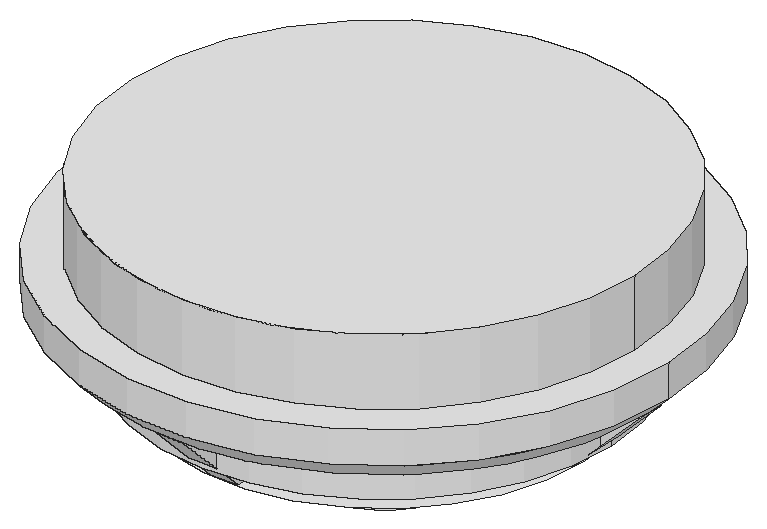
Revit family
Reference planes
  plane 1 "Center (Front/Back)": y = 0
  plane 2: z = 0
  plane 3 "Center (Left/Right)": x = 0
  plane 4 "Ceiling": z = 4000
Forms (mm)
  Extrusion 1, solid, material "_smoke det white"
    sketch origin (0, 0, 4000) x (0, 1, 0) y (-1, 0, 0)
      loop
        circle (0, 0) r 75
    from 0 to -20
  Extrusion 2, solid, material "_smoke det white"
    sketch origin (0, 0, 4000) x (0, 1, 0) y (-1, 0, 0)
      loop
        circle (0, 0) r 85
      loop
        circle (0, 0) r 65
    from -20 to -35
  Revolve 3, void
    sketch origin (0, 0, 0) x (1, 0, 0) y (0, 0, 1)
      loop
        line (-85, 3970.468) -> (-85, 3965) -> (-79.532, 3965) -> (-85, 3970.468)
      axis (0, 3965) -> (0, 3970.468)
    angle from 0 to 360
  Extrusion 4, solid, material "_smoke det white"
    sketch origin (0, 0, 4000) x (0, 1, 0) y (-1, 0, 0)
      loop
        circle (0, 0) r 58
      loop
        circle (0, 0) r 68
    from -40 to -48
  Blend 5, solid, material "_smoke det white"
    base sketch origin (0, 0, 4000) x (0, 1, 0) y (-1, 0, 0)
      loop
        circle (0, 0) r 35
    top sketch origin (0, 0, 4000) x (0, 1, 0) y (-1, 0, 0)
      loop
        circle (0, 0) r 60
    from -65 to -55
  Blend 6, solid, material "_smoke det white"
    base sketch origin (0, 0, 4000) x (0, 1, 0) y (-1, 0, 0)
      loop
        line (59.434, 4.091) -> (44.434, 4.091) -> (44.434, -3.909) -> (59.434, -3.909) -> (59.434, 4.091)
    top sketch origin (0, 0, 4000) x (0, 1, 0) y (-1, 0, 0)
      loop
        line (64.531, -3.909) -> (79.531, -3.909) -> (79.531, 4.091) -> (64.531, 4.091) -> (64.531, -3.909)
    from -55 to -35
  Blend 7, solid, material "_smoke det white"
    base sketch origin (0, 0, 4000) x (1, 0, 0) y (0, 1, 0)
      loop
        line (59.434, 4.091) -> (44.434, 4.091) -> (44.434, -3.909) -> (59.434, -3.909) -> (59.434, 4.091)
    top sketch origin (0, 0, 4000) x (1, 0, 0) y (0, 1, 0)
      loop
        line (64.531, -3.909) -> (79.531, -3.909) -> (79.531, 4.091) -> (64.531, 4.091) -> (64.531, -3.909)
    from -55 to -35
  Blend 8, solid, material "_smoke det white"
    base sketch origin (0, 0, 4000) x (-1, 0, 0) y (0, -1, 0)
      loop
        line (59.434, -4.091) -> (59.434, 3.909) -> (44.434, 3.909) -> (44.434, -4.091) -> (59.434, -4.091)
    top sketch origin (0, 0, 4000) x (-1, 0, 0) y (0, -1, 0)
      loop
        line (64.531, 3.909) -> (64.531, -4.091) -> (79.531, -4.091) -> (79.531, 3.909) -> (64.531, 3.909)
    from -55 to -35
  Blend 9, solid, material "_smoke det white"
    base sketch origin (0, 0, 4000) x (0, -1, 0) y (1, 0, 0)
      loop
        line (59.434, -4.091) -> (59.434, 3.909) -> (44.434, 3.909) -> (44.434, -4.091) -> (59.434, -4.091)
    top sketch origin (0, 0, 4000) x (0, -1, 0) y (1, 0, 0)
      loop
        line (64.531, 3.909) -> (64.531, -4.091) -> (79.531, -4.091) -> (79.531, 3.909) -> (64.531, 3.909)
    from -55 to -35
  Blend 10, solid, material "_smoke det black"
    base sketch origin (0, 0, 4000) x (0, 1, 0) y (-1, 0, 0)
      loop
        circle (0, 0) r 40
    top sketch origin (0, 0, 4000) x (0, 1, 0) y (-1, 0, 0)
      loop
        circle (0, 0) r 65
    from -55 to -29.532
  Extrusion 11, solid, material "_smoke det acrylic"
    sketch origin (0, 0, 4000) x (0, 1, 0) y (-1, 0, 0)
      loop
        circle (0, 0) r 25
    from -75 to -72
  Extrusion 12, solid, material "_smoke det acrylic"
    sketch origin (0, 0, 4000) x (0, 1, 0) y (-1, 0, 0)
      loop
        line (24.372, 3.343) -> (18.372, 3.343) -> (18.372, 1.843) -> (24.372, 1.843) -> (24.372, 3.343)
      loop
        line (24.372, -1.657) -> (18.372, -1.657) -> (18.372, -3.157) -> (24.372, -3.157) -> (24.372, -1.657)
      loop
        line (-24.372, 3.343) -> (-24.372, 1.843) -> (-18.372, 1.843) -> (-18.372, 3.343) -> (-24.372, 3.343)
      loop
        line (-24.372, -1.657) -> (-24.372, -3.157) -> (-18.372, -3.157) -> (-18.372, -1.657) -> (-24.372, -1.657)
      loop
        line (3.25, -24.28) -> (3.25, -18.28) -> (1.75, -18.28) -> (1.75, -24.28) -> (3.25, -24.28)
      loop
        line (-1.75, -24.28) -> (-1.75, -18.28) -> (-3.25, -18.28) -> (-3.25, -24.28) -> (-1.75, -24.28)
      loop
        line (3.25, 24.465) -> (1.75, 24.465) -> (1.75, 18.465) -> (3.25, 18.465) -> (3.25, 24.465)
      loop
        line (-1.75, 24.465) -> (-3.25, 24.465) -> (-3.25, 18.465) -> (-1.75, 18.465) -> (-1.75, 24.465)
    from -72 to -65
Cuts and joins
  Revolve 3 cuts Extrusion 2
Lines and regions (mm)
  sketch lines
    curve 1: line (-2000, 2000, 0) -> (2000, 2000, 0)
    curve 2: line (-2000, 2000, 0) -> (-2000, -2000, 0)
    curve 3: line (-2000, -2000, 0) -> (2000, -2000, 0)
    curve 4: line (2000, 2000, 0) -> (2000, -2000, 0)
Dimensions and locks
  equal spacing: curve 2, plane 3 "Center (Left/Right)", curve 4
  equal spacing: curve 3, plane 1 "Center (Front/Back)", curve 1
  curve 2 to curve 4 = 4000 mm
  curve 3 to curve 1 = 4000 mm
  locked: plane 4 "Ceiling" to host ceiling at 0
